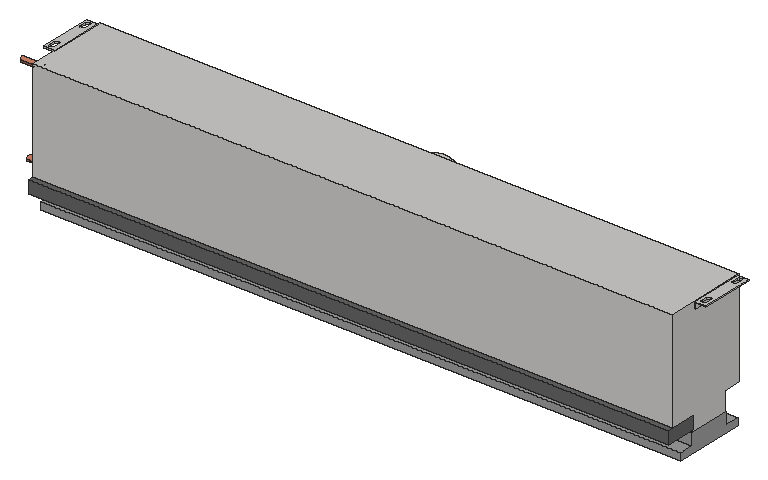
Revit family "HVAC-Chilled_Beam-Dadanco-ACB30", category Mechanical Equipment, Revit 2018
Family settings
  Round Connector Dimension = Use Radius
  Part Type = Normal
  OmniClass Number = 23.75.70.17.31
  OmniClass Title = Induction Units
  Work Plane-Based = No
  Always vertical = Yes
  Cut with Voids When Loaded = No
  Shared = No
  Room Calculation Point = No
Parameters (values of type "6' Nominal Length")
  Zone Name [instance] = ""
  Zone ID [instance] = ""
  Unit Width = 0' - 7"  # constant formula
  Unit Weight = if(Nominal Unit Length = 2' 0", "28 lb", if(Nominal Unit Length = 3' 0", "36 lb", if(Nominal Unit Length = 4' 0", "44 lb", if(Nominal Unit Length = 5' 0", "51 lb", if(Nominal Unit Length = 6' 0", "59 lb", if(Nominal Unit Length = 7' 0", "67 lb", if(Nominal Unit Length = 8' 0", "75 lb", "0 lb")))))))  # "59 lb"
  Unit Tag [instance] = ""
  Unit Length = if(Nominal Unit Length = 2' 0", 2' 0", if(Nominal Unit Length = 3' 0", 2' 8", if(Nominal Unit Length = 4' 0", 3' 4", if(Nominal Unit Length = 5' 0", 4' 4", if(Nominal Unit Length = 6' 0", 5' 4", if(Nominal Unit Length = 7' 0", 6' 4", if(Nominal Unit Length = 8' 0", 7' 4", 0' 0")))))))  # 5' - 4"
  Unit Height = 1' - 5"  # constant formula
  URL = "http://www.dadanco.com/"
  Type Comments = "1-way Discharge Vertical Coil"
  Total Cooling Capacity = 0.0 Btu/h
  Supply Air = 0 CFM
  Sound Level dBA = ""
  Sound Level NC = ""
  Side Air Inlet [instance] = or(Primary Air Inlet Right, Primary Air Inlet Left)  # no
  Secondary Air Sensible Heating = 0.0 Btu/h
  Secondary Air Sensible Cooling = 0.0 Btu/h
  SHHW Temperature = 0 °F
  SHHW Temp Out = 0 °F
  SHHW Pressure Drop [instance] = HWPD  # 0 Pa
  SHHW Flow [instance] = HWF  # 0 GPM
  SCHW Temperature = 0 °F
  SCHW Temp Out = 0 °F
  SCHW Pressure Drop [instance] = CWPD  # 0 Pa
  SCHW Flow [instance] = CWF  # 0 GPM
  Revision Date = "03/24/2023"  # constant formula
  Product Page URL = ""
  Primary Air Static Pressure [instance] = PASP  # 0.00 in-wg
  Primary Air Inlet Size = 0' - 4"
  Primary Air Flow Rate [instance] = PA  # 0 CFM
  Pan = or(Drain Pan, Drip Tray)  # yes
  PASP = 0.00 in-wg
  PA = 0 CFM
  Overall Unit Length = Unit Length + 0' 2"  # 5' - 6"
  Nozzle Configuration = ""
  Nominal Unit Length = 6' - 0"
  Net Unit Heating Sensible = 0.0 Btu/h
  Net Unit Cooling Sensible = 0.0 Btu/h
  Model Number = ""
  Latent Cooling = 0.0 Btu/h
  LVD Grille [instance] = yes
  Keynote = "23 37 00.A1"
  Heating Supply Air Temperature = 0 °F
  Heating Room Dry Bulb = 0 °F
  Heating Primary Air Dry Bulb = 0 °F
  HWPD = 0 Pa
  HWF = 0 GPM
  Side Air Inlet Radius = if(Primary Air Inlet Size = 0' 3", 0' 1 1/2", 0' 2")  # 0' - 2"
  Primary Air Inlet Right [instance] = no
  Primary Air Inlet Left [instance] = no
  Primary Air Inlet Back [instance] = yes
  Generic White = Generic White Paint
  Generic Black color = Metal-Dadanco-Steel-Galvanized Black Powder Coat Finish
  Duct Connection Top [instance] = no
  Drip Tray = yes
  Drain Pan = no
  Drain Connection Right [instance] = and(Drain Pan, Coil Connection Right)  # no
  Drain Connection Left [instance] = and(Drain Pan, Coil Connection Left)  # no
  Documentation Link = ""
  Cooling Supply Air Temperature = 0 °F
  Cooling Room Relative Humidity = 0
  Cooling Room Dry Bulb = 0 °F
  Cooling Primary Air Wet Bulb = 0 °F
  Cooling Primary Air Dry Bulb = 0 °F
  Coil Connection Right [instance] = no
  Coil Connection Left [instance] = not(Coil Connection Right)  # yes
  Model = "ACB30"  # constant formula
  Manufacturer = "Dadanco"  # constant formula
  Housing Material = Metal-Dadanco-Steel-Galvanized
  Description = "Active Chilled Beam"  # constant formula
  CWPD = 0 Pa
  CWF = 0 GPM
  Front_Back_or_Top_Inlet_radius = Primary Air Inlet Size / 2  # 0' - 2"
  Architectural Design Manual = ""
  4 Pipe Coil Configuration Right [instance] = and([4 Pipe Coil Configuration], Coil Connection Right)  # no
  4 Pipe Coil Configuration Left [instance] = and([4 Pipe Coil Configuration], Coil Connection Left)  # no
  4 Pipe Coil Configuration = if([2 or 4 pipe] = 4, 1 = 1, 1 = 0)  # no
  2 or 4 pipe = 2
  2 Pipe Coil Configuration = if([2 or 4 pipe] = 2, 1 = 1, 1 = 0)  # yes
  Assembly Code = "D3040100"
Types (8): name | Unit Weight | Unit Length | Pan | Overall Unit Length | Nominal Unit Length | Primary Air Inlet Back | Drip Tray | Coil Connection Right | Coil Connection Left
  (no name) | "59 lb" | 5' - 4" | yes | 5' - 6" | 6' - 0" | yes | yes | no | yes
  4' Nominal Length | "44 lb" | 3' - 4" | no | 3' - 6" | 4' - 0" | no | no | yes | no
  2' Nominal Length | "28 lb" | 2' - 0" | no | 2' - 2" | 2' - 0" | no | no | yes | no
  3' Nominal Length | "36 lb" | 2' - 8" | no | 2' - 10" | 3' - 0" | no | no | yes | no
  5' Nominal Length | "51 lb" | 4' - 4" | no | 4' - 6" | 5' - 0" | no | no | yes | no
  6' Nominal Length | "59 lb" | 5' - 4" | yes | 5' - 6" | 6' - 0" | yes | yes | no | yes
  7' Nominal Length | "67 lb" | 6' - 4" | no | 6' - 6" | 7' - 0" | no | no | yes | no
  8' Nominal Length | "75 lb" | 7' - 4" | no | 7' - 6" | 8' - 0" | no | no | yes | no
Reference planes (in)
  plane 1 "Center (Front/Back)": y = 6.28627
  plane 2 "Top of Coil Unit": z = -10.623
  plane 3 "Center (Left/Right)": x = 0.55581
  plane 4 "Nominal Right": x = 33.55581
  plane 5 "Back Face": y = 10.67627
  plane 6 "Front Face": y = 1.89627
  plane 7 "Top Face": z = -5.33
  plane 8 "Bottom Face": z = -17
  plane 9 "Nominal Left": x = -32.44419
  plane 10 "Left Face": x = -31.44419
  plane 11 "Right Face": x = 32.55581
  plane 12 "Back Face of Coil Unit": y = 4.77127
  plane 13 "Top of Drain Unit": z = -15.5
  plane 14 "Left End of Coil": x = -30.69419
  plane 15 "Right End of Coil": x = 31.80581
  plane 16 "Top Pipe Centerline Horizontal": z = -5.668
  plane 17 "Top Pipe Centerline Vertical": y = 2.89627
  plane 18 "Bottom Pipe Centerline Horizontal": z = -14.918
  plane 19 "Bottom Pipe Centerline Vertical": y = 3.74128
  plane 20 "4 Pipe Upper Centerline": z = -8.793
  plane 21 "4 Pipe Lower Centerline": z = -12.543
  plane 22 "y4": z = -10.25
  plane 23 "Back_Air_Ctr": z = -10.17
  plane 24 "Top_Air_Ctr": y = 5.44627
  plane 25 "drain Bot": z = -16.83
  plane 26 "front_of_collar": y = 4.89627
  plane 27 "back_of_collar": y = 8.89627
  plane 28 "Top of collar": z = -15
  plane 29 "front to coil": y = 2.39627
  plane 30 "top dct ctr": y = 7.74627
  plane 31 "x3": y = 10.39627
  plane 32 "x2": y = 7.89627
  plane 33 "back top side dct": z = -11.2306
  plane 34 "y2": z = -10.75
  plane 35 "x4": y = 9.89627
  plane 36 "y3": z = -13.25
  plane 37 "y1": z = -13.5
  plane 38 "x1": y = 8.39627
  plane 39 "lvd bot": z = -18.875
  plane 40 "lvd neck back": y = 9.07627
  plane 41 "lvd neck frt": y = 4.72627
  plane 42 "lvd outer top": z = -18.125
  plane 43 "lvd back": y = 10.47627
  plane 44 "lvd front": y = 3.35127
  plane 45 "BRACKET BACK": y = 10.42627
Forms (in)
  Extrusion 1, solid, material "Metal-Dadanco-Steel-Galvanized" <- "Housing Material"
    sketch origin (0.55581, 0, -17) x (0, 1, 0) y (0, 0, 1)
      loop
        line (2.39627, 11.67) -> (2.39627, 1.5) -> (4.89627, 1.5) -> (4.89627, 0) -> (8.89627, 0) -> (8.89627, 2) -> (10.67627, 2) -> (10.67627, 11.67) -> (2.39627, 11.67)
    from -32 to 32
  Extrusion 2, solid, material "Metal-Dadanco-Steel-Galvanized Black Powder Coat Finish" <- "Generic Black color", visible <- "Pan"
    sketch origin (0.55581, -0.01789, -16.81232) x (0, 1, 0) y (0, 0, 1)
      loop
        line (1.89627, 0) -> (4.91416, 0) -> (4.91416, 1.31232) -> (1.89627, 1.31232) -> (1.89627, 0)
    from -32 to 32
  Extrusion 3, solid, material "Metal-Dadanco-Copper-Satin", visible <- "Drain Connection Right", detail levels medium+fine
    sketch origin (0.55581, 5.41717, -16.68716) x (0, 1, 0) y (0, 0, 1)
      loop
        circle (-2.075, 0.25) r 0.3125
    from 32 to 33.25
  Extrusion 4, solid, material "Metal-Dadanco-Copper-Satin", visible <- "Coil Connection Right", detail levels medium+fine
    sketch origin (0.55581, 5.39627, -17) x (0, 1, 0) y (0, 0, 1)
      loop
        circle (-2.5, 11.332) r 0.25
    from 31.25 to 33.5
  Extrusion 5, solid, material "Metal-Dadanco-Copper-Satin", visible <- "Coil Connection Right", detail levels medium+fine
    sketch origin (0.55581, 5.39627, -17) x (0, 1, 0) y (0, 0, 1)
      loop
        circle (-1.65499, 2.082) r 0.25
    from 31.25 to 33.5
  Extrusion 6, solid, material "Metal-Dadanco-Copper-Satin", visible <- "4 Pipe Coil Configuration Right", detail levels medium+fine
    sketch origin (0.55581, 5.39627, -17) x (0, 1, 0) y (0, 0, 1)
      loop
        circle (-1.65499, 8.207) r 0.25
    from 31.25 to 33.5
  Extrusion 7, solid, material "Metal-Dadanco-Copper-Satin", visible <- "4 Pipe Coil Configuration Right", detail levels medium+fine
    sketch origin (0.55581, 5.39627, -17) x (0, 1, 0) y (0, 0, 1)
      loop
        circle (-1.65499, 4.457) r 0.25
    from 31.25 to 33.5
  Extrusion 8, solid, material "Metal-Dadanco-Copper-Satin", visible <- "Drain Connection Left", detail levels medium+fine
    sketch origin (0.55581, 5.39627, -16.79678) x (0, 1, 0) y (0, 0, -1)
      loop
        circle (-2.05197, -0.36226) r 0.3125
    from 32 to 33.25
  Extrusion 9, solid, material "Metal-Dadanco-Copper-Satin", visible <- "Coil Connection Left", detail levels medium+fine
    sketch origin (0.55581, 5.39627, -17) x (0, 1, 0) y (0, 0, -1)
      loop
        circle (-2.5, -11.332) r 0.25
    from 31.25 to 33.5
  Extrusion 10, solid, material "Metal-Dadanco-Copper-Satin", visible <- "Coil Connection Left", detail levels medium+fine
    sketch origin (0.55581, 5.39627, -17) x (0, 1, 0) y (0, 0, -1)
      loop
        circle (-1.65499, -2.082) r 0.25
    from 31.25 to 33.5
  Extrusion 11, solid, material "Metal-Dadanco-Copper-Satin", visible <- "4 Pipe Coil Configuration Left", detail levels medium+fine
    sketch origin (0.55581, 5.39627, -17) x (0, 1, 0) y (0, 0, -1)
      loop
        circle (-1.65499, -8.207) r 0.25
    from 31.25 to 33.5
  Extrusion 12, solid, material "Metal-Dadanco-Copper-Satin", visible <- "4 Pipe Coil Configuration Left", detail levels medium+fine
    sketch origin (0.55581, 5.39627, -17) x (0, 1, 0) y (0, 0, -1)
      loop
        circle (-1.65499, -4.457) r 0.25
    from 31.25 to 33.5
  Extrusion 13, solid, material "Metal-Dadanco-Steel-Galvanized" <- "Housing Material", visible <- "Primary Air Inlet Back"
    sketch origin (-28.20106, 10.67627, 48) x (-1, 0, 0) y (0, 0, 1)
      loop
        circle (-28.75688, -58.17) r 3
    from 3 to 0
  Extrusion 14, solid, material "Metal-Dadanco-Steel-Galvanized", visible <- "Duct Connection Top"
    sketch origin (-0.03563, 2.2704, -5.33) x (0, 1, 0) y (-1, 0, 0)
      loop
        circle (5.4819, -0.62706) r 2.5
    from 3 to 0
  Extrusion 15, solid, material "Metal-Dadanco-Steel-Galvanized", visible <- "Primary Air Inlet Right"
    sketch origin (32.55581, -4.5755, 36) x (0, 1, 0) y (0, 0, -1)
      loop
        arc (14.97177, 49.25) -> (14.09677, 50.375) -> (12.97177, 49.5) r 1.00778
        line (12.97177, 49.5) -> (12.47177, 46.75)
        arc (12.47177, 46.75) -> (13.23754, 45.56309) -> (14.47177, 46.25) r 1.03297
        line (14.47177, 46.25) -> (14.97177, 49.25)
    from -3 to 0
  Extrusion 16, solid, material "Metal-Dadanco-Steel-Galvanized", visible <- "Primary Air Inlet Left"
    sketch origin (-31.44419, -4.5755, 36) x (0, 1, 0) y (0, 0, 1)
      loop
        line (14.97177, -49.25) -> (14.47177, -46.25)
        arc (14.47177, -46.25) -> (13.23754, -45.56309) -> (12.47177, -46.75) r 1.03297
        line (12.47177, -46.75) -> (12.97177, -49.5)
        arc (12.97177, -49.5) -> (14.09677, -50.375) -> (14.97177, -49.25) r 1.00778
    from -3 to 0
  Extrusion 17, solid, material "Generic White Paint" <- "Generic White", visible <- "LVD Grille"
    sketch origin (0.55581, 0, 0) x (0, 1, 0) y (0, 0, 1)
      loop
        line (3.35127, -18.875) -> (10.47627, -18.875) -> (10.47627, -18.125) -> (9.07627, -18.125) -> (9.07627, -17) -> (4.72627, -17) -> (4.72627, -18.125) -> (3.35127, -18.125) -> (3.35127, -18.875)
    from -32 to 32
Lines and regions (in)
  Masking region 1
    outline origin (-28.20106, 10.67627, 31) x (-1, 0, 0) y (0, 0, 1)
      loop
        line (-60.75688, -48) -> (3.24312, -48) -> (3.24312, -36.33) -> (-60.75688, -36.33) -> (-60.75688, -48)
  Masking region 2
    outline origin (-28.20106, 1.89627, 31) x (-1, 0, 0) y (0, 0, 1)
      loop
        line (3.24312, -48) -> (3.24312, -36.33) -> (-60.75688, -36.33) -> (-60.75688, -48) -> (3.24312, -48)
  Masking region 3, visible <- "Primary Air Inlet Left", detail levels medium+fine
    outline origin (0, 6.28627, -17) x (1, 0, 0) y (0, 0, 1)
      loop
        line (-34.44419, 6.75) -> (-31.44419, 6.75) -> (-31.44419, 16.25) -> (-34.44419, 16.25) -> (-34.44419, 6.75)
  Masking region 4, visible <- "Primary Air Inlet Right", detail levels medium+fine
    outline origin (48, 6.28627, -17) x (1, 0, 0) y (0, 0, 1)
      loop
        line (-15.44419, 6.75) -> (-12.44419, 6.75) -> (-12.44419, 16.25) -> (-15.44419, 16.25) -> (-15.44419, 6.75)
  Masking region 5, visible <- "Coil Connection Right", detail levels medium+fine
    outline origin (0, 2.89627, 0) x (0, 0, 1) y (1, 0, 0)
      loop
        line (-5.918, 32.55581) -> (-5.38675, 32.55581) -> (-5.38675, 34.05581) -> (-5.918, 34.05581) -> (-5.918, 32.55581)
  Masking region 6, detail levels medium+fine
    outline origin (0, 8.01727, 0) x (0, 0, -1) y (1, 0, 0)
      loop
        line (6.66, 32.55581) -> (6.66, 35.55581) -> (6.4138, 35.55581) -> (6.4138, 32.55581) -> (6.66, 32.55581)
  Masking region 7, visible <- "4 Pipe Coil Configuration Right", detail levels medium+fine
    outline origin (0, 3.74128, 0) x (0, 0, -1) y (1, 0, 0)
      loop
        line (9.04303, 32.55581) -> (9.04303, 34.05581) -> (8.543, 34.05581) -> (8.543, 32.55581) -> (9.04303, 32.55581)
  Masking region 8, visible <- "4 Pipe Coil Configuration Right", detail levels medium+fine
    outline origin (0, 3.74128, 0) x (0, 0, -1) y (1, 0, 0)
      loop
        line (12.78289, 32.55581) -> (12.78289, 34.05581) -> (12.293, 34.05581) -> (12.293, 32.55581) -> (12.78289, 32.55581)
  Masking region 9, visible <- "Coil Connection Right", detail levels medium+fine
    outline origin (0, 3.74128, 0) x (0, 0, -1) y (1, 0, 0)
      loop
        line (15.40625, 32.55581) -> (15.40625, 34.05581) -> (14.668, 34.05581) -> (14.668, 32.55581) -> (15.40625, 32.55581)
  Masking region 10
    outline origin (0, 3.74128, 0) x (0, 0, -1) y (1, 0, 0)
      loop
        line (17, 32.55581) -> (17, 33.80581) -> (16.5, 33.80581) -> (16.5, 32.55581) -> (17, 32.55581)
  Masking region 11, detail levels medium+fine
    outline origin (0, 6.82127, 0) x (0, 0, -1) y (1, 0, 0)
      loop
        line (5.566, 32.55581) -> (5.566, 35.55581)
        arc (5.566, 35.55581) -> (5.441, 35.68081) -> (5.316, 35.55581) r 0.125
        line (5.316, 35.55581) -> (5.316, 32.55581) -> (5.566, 32.55581)
  Masking region 12, not visible
    outline origin (0, 6.82127, 0) x (0, 0, -1) y (1, 0, 0)
      loop
        line (5.566, -31.44419) -> (5.32075, -31.44419) -> (5.32075, -34.47832)
        arc (5.32075, -34.47832) -> (5.44337, -34.60094) -> (5.566, -34.47832) r 0.12263
        line (5.566, -34.47832) -> (5.566, -31.44419)
  Masking region 13, visible <- "Coil Connection Left", detail levels medium+fine
    outline origin (0, 2.89627, 0) x (0, 0, 1) y (1, 0, 0)
      loop
        line (-5.918, -32.94419) -> (-5.38675, -32.94419) -> (-5.38675, -31.44419) -> (-5.918, -31.44419) -> (-5.918, -32.94419)
  Masking region 14, visible <- "4 Pipe Coil Configuration Left", detail levels medium+fine
    outline origin (0, 3.74128, 0) x (0, 0, -1) y (1, 0, 0)
      loop
        line (9.043, -32.94419) -> (9.043, -31.44419) -> (8.52981, -31.44419) -> (8.52981, -32.94419) -> (9.043, -32.94419)
  Masking region 15, visible <- "Coil Connection Left", detail levels medium+fine
    outline origin (0, 6.82127, 0) x (0, 0, -1) y (1, 0, 0)
      loop
        line (15.168, -32.94419) -> (15.168, -31.44419) -> (14.65919, -31.44419) -> (14.65919, -32.94419) -> (15.168, -32.94419)
  Masking region 16, not visible, detail levels medium+fine
    outline origin (0, 3.74128, 0) x (0, 0, -1) y (1, 0, 0)
      loop
        line (17, -32.69419) -> (17, -31.44419) -> (16.5, -31.44419) -> (16.5, -32.69419) -> (17, -32.69419)
  Masking region 17, visible <- "4 Pipe Coil Configuration Left", detail levels medium+fine
    outline origin (0, 3.74128, 0) x (0, 0, -1) y (1, 0, 0)
      loop
        line (12.793, -32.94419) -> (12.793, -31.44419) -> (12.29639, -31.44419) -> (12.29639, -32.94419) -> (12.793, -32.94419)
  Masking region 18, visible <- "Coil Connection Right", detail levels medium+fine
    outline origin (0, 0, -5.668) x (0, -1, 0) y (1, 0, 0)
      loop
        line (-3.99204, 33.55581) -> (-3.49128, 33.55581) -> (-3.49128, 34.05581) -> (-3.99204, 34.05581) -> (-3.99204, 33.55581)
  Masking region 19, visible <- "Coil Connection Right", detail levels medium+fine
    outline origin (0, 0, -5.441) x (0, -1, 0) y (1, 0, 0)
      loop
        line (-2.64542, 33.55581) -> (-2.64542, 34.05581) -> (-3.14627, 34.05581) -> (-3.14627, 33.55581) -> (-2.64542, 33.55581)
  Masking region 20, visible <- "Coil Connection Left", detail levels medium+fine
    outline origin (0, 0, -5.668) x (0, -1, 0) y (1, 0, 0)
      loop
        line (-3.49128, -32.94419) -> (-3.49128, -32.44419) -> (-3.99146, -32.44419) -> (-3.99146, -32.94419) -> (-3.49128, -32.94419)
  Masking region 21, visible <- "Coil Connection Left", detail levels medium+fine
    outline origin (0, 0, -14.918) x (0, -1, 0) y (1, 0, 0)
      loop
        line (-2.64627, -32.94419) -> (-2.64627, -32.44419) -> (-3.14348, -32.44419) -> (-3.14348, -32.94419) -> (-2.64627, -32.94419)
  Masking region 22, not visible, detail levels medium+fine
    outline origin (0, 6.82127, 0) x (0, 0, -1) y (1, 0, 0)
      loop
        line (6.66, -34.44419) -> (6.66, -31.44419) -> (6.41, -31.44419) -> (6.41, -34.44419) -> (6.66, -34.44419)
  Masking region 23, not visible, detail levels medium+fine
    outline origin (0, 8.01727, 0) x (0, 0, -1) y (1, 0, 0)
      loop
        line (6.66, -34.44419) -> (6.66, -31.44419) -> (6.41, -31.44419) -> (6.41, -34.44419) -> (6.66, -34.44419)
  symbolic lines, detail levels medium+fine
    curve 1: line (32.55581, 10.67627, 0) -> (33.55581, 10.67627, 0)
    curve 7: line (-30.19419, 1.89627, -14.62) -> (-30.69419, 1.89627, -14.62)
    curve 8: line (-30.19419, 1.89627, -6.043) -> (-30.19419, 1.89627, -14.62)
    curve 9: line (-30.69419, 1.89627, -6.043) -> (-30.19419, 1.89627, -6.043)
    curve 10: line (-30.69419, 1.89627, -14.62) -> (-30.69419, 1.89627, -6.043)
    curve 11: line (-31.44419, 1.89627, -15.5) -> (32.55581, 1.89627, -15.5)
    curve 12: line (-31.44419, 1.89627, -10.623) -> (32.55581, 1.89627, -10.623)
    curve 13: line (32.55581, 1.89627, 0) -> (33.55581, 1.89627, 0)
    curve 18: line (-31.44419, 1.89627, -5.33) -> (-32.44419, 1.89627, -5.33)
    curve 27: circle (-30.69419, 2.89627, -5.668) r 0.25 normal (1, 0, 0)
    curve 30: circle (-30.69419, 3.74128, -14.918) r 0.25 normal (1, 0, 0)
    curve 31: line (32.55581, 2.52127, 0) -> (32.55581, 2.52127, -0.625)
    curve 32: line (33.55581, 7.58505, -5.441) -> (33.55581, 7.83505, -5.441)
  symbolic lines, detail levels fine
    curve 2: line (33.55581, 10.67627, 0) -> (33.55581, 10.67627, -0.125)
    curve 3: line (33.55581, 10.67627, -0.125) -> (32.68081, 10.67627, -0.125)
    curve 4: line (32.68081, 10.67627, -0.125) -> (32.68081, 10.67627, -0.625)
    curve 5: line (32.68081, 10.67627, -0.625) -> (32.55581, 10.67627, -0.625)
    curve 6: line (-32.44419, 10.67627, 0) -> (-32.44419, 10.67627, -0.125)
    curve 14: line (33.55581, 1.89627, 0) -> (33.55581, 1.89627, -5.455)
    curve 15: line (33.55581, 1.89627, -5.455) -> (32.68081, 1.89627, -5.455)
    curve 16: line (32.68081, 1.89627, -5.455) -> (32.68081, 1.89627, -5.955)
    curve 17: line (32.68081, 1.89627, -5.955) -> (32.55581, 1.89627, -5.955)
    curve 19: line (-32.44419, 1.89627, -5.33) -> (-32.44419, 1.89627, -5.455)
    curve 20: line (-32.44419, 1.89627, -5.455) -> (-31.56919, 1.89627, -5.455)
    curve 21: line (-31.56919, 1.89627, -5.455) -> (-31.56919, 1.89627, -5.955)
    curve 22: line (-31.56919, 1.89627, -5.955) -> (-31.44419, 1.89627, -5.955)
    curve 23: line (-30.69419, 1.89627, -14.62) -> (31.80581, 1.89627, -14.62)
    curve 24: line (-30.69419, 1.89627, -6.043) -> (-30.69419, 1.89627, -14.62)
    curve 25: line (31.80581, 1.89627, -6.043) -> (-30.69419, 1.89627, -6.043)
    curve 26: line (31.80581, 1.89627, -14.62) -> (31.80581, 1.89627, -6.043)
  symbolic lines, visible <- "4 Pipe Coil Configuration", detail levels medium+fine
    curve 28: circle (-30.69419, 3.74128, -8.793) r 0.25 normal (1, 0, 0)
    curve 29: circle (-30.69419, 3.74128, -12.543) r 0.25 normal (1, 0, 0)
Dimensions and locks (in)
  plane 6 "Front Face" to plane 5 "Back Face" = 0' - 8.78"
  equal spacing: plane 6 "Front Face", plane 1 "Center (Front/Back)", plane 5 "Back Face"
  "Unit Length": plane 10 "Left Face" to plane 11 "Right Face"
  equal spacing: plane 10 "Left Face", plane 3 "Center (Left/Right)", plane 11 "Right Face"
  locked: plane 9 "Nominal Left" to plane 10 "Left Face" at 1
  locked: plane 11 "Right Face" to plane 4 "Nominal Right" at 1
  plane 7 "Top Face" to plane 8 "Bottom Face" = 0' - 11.67"
  locked: plane 7 "Top Face" to plane 2 "Top of Coil Unit" at 5.293
  plane 13 "Top of Drain Unit" to plane 8 "Bottom Face" = 0' - 1 1/2"
  locked: plane 10 "Left Face" to plane 14 "Left End of Coil" at 0.75
  locked: plane 15 "Right End of Coil" to plane 11 "Right Face" at 0.75
  locked: Extrusion 3 to Extrusion 3 at 1.25
  locked: Extrusion 4 to Extrusion 4 at 2.25
  locked: Extrusion 5 to Extrusion 5 at 2.25
  locked: Extrusion 6 to Extrusion 6 at 2.25
  locked: Extrusion 7 to Extrusion 7 at 2.25
  locked: Masking region 4 to Masking region 4 at 3
  locked: Extrusion 8 to Extrusion 8 at 1.25
  locked: Extrusion 9 to Extrusion 9 at 2.25
  locked: Extrusion 10 to Extrusion 10 at 2.25
  locked: Extrusion 11 to Extrusion 11 at 2.25
  locked: Extrusion 12 to Extrusion 12 at 2.25
  plane 8 "Bottom Face" to Extrusion 8 sketch curve = 0' - 0.56548"
  Extrusion 8 sketch curve to plane 6 "Front Face" = 0' - 1.44803"
  locked: Masking region 7 sketch curve to Masking region 7 sketch curve at 0.50003
  locked: Masking region 7 sketch curve to plane 20 "4 Pipe Upper Centerline" at 0.25
  Masking region 8 sketch curve to plane 21 "4 Pipe Lower Centerline" to Masking region 8 sketch curve = 0' - 0 1/4" locked, 0' - 0.23989" locked
  locked: Masking region 9 sketch curve to plane 18 "Bottom Pipe Centerline Horizontal" at 0.25
  Masking region 6 sketch curve to Masking region 6 sketch curve = 0' - 0.2462"
  locked: plane 16 "Top Pipe Centerline Horizontal" to Masking region 13 sketch curve at 0.25
  locked: Masking region 14 sketch curve to plane 20 "4 Pipe Upper Centerline" at 0.26319
  locked: plane 20 "4 Pipe Upper Centerline" to Masking region 14 sketch curve at 0.25
  locked: plane 18 "Bottom Pipe Centerline Horizontal" to Masking region 15 sketch curve at 0.25
  locked: Masking region 15 sketch curve to plane 18 "Bottom Pipe Centerline Horizontal" at 0.25881
  locked: Masking region 17 sketch curve to plane 21 "4 Pipe Lower Centerline" at 0.24661
  locked: plane 21 "4 Pipe Lower Centerline" to Masking region 17 sketch curve at 0.25
  locked: plane 19 "Bottom Pipe Centerline Vertical" to Masking region 18 sketch curve at 0.25
  locked: plane 19 "Bottom Pipe Centerline Vertical" to Masking region 18 sketch curve at 0.25077
  locked: plane 17 "Top Pipe Centerline Vertical" to Masking region 19 sketch curve at 0.25085
  locked: Masking region 20 sketch curve to plane 19 "Bottom Pipe Centerline Vertical" at 0.25
  locked: plane 19 "Bottom Pipe Centerline Vertical" to Masking region 20 sketch curve at 0.25018
  locked: Masking region 21 sketch curve to plane 17 "Top Pipe Centerline Vertical" at 0.25
  locked: Masking region 21 sketch curve to plane 17 "Top Pipe Centerline Vertical" at 0.24721
  plane 8 "Bottom Face" to Extrusion 3 sketch curve = 0' - 0.56284"
  locked: Masking region 16 sketch curve to plane 8 "Bottom Face" at 0.5
  locked: Masking region 10 sketch curve to plane 8 "Bottom Face" at 0.5
  nested 1 to nested 1 = 0' - 5 3/8"
  aligned and locked: Extrusion 1 sketch curve to plane 7 "Top Face"
  aligned and locked: Extrusion 1 sketch curve to plane 8 "Bottom Face"
  aligned and locked: Extrusion 1 sketch curve to plane 5 "Back Face"
  aligned and locked: Extrusion 1 to plane 10 "Left Face"
  aligned and locked: Extrusion 1 to plane 11 "Right Face"
  aligned and locked: Extrusion 2 to plane 10 "Left Face"
  aligned and locked: Extrusion 2 to plane 11 "Right Face"
  aligned and locked: nested 1 to plane 11 "Right Face"
  aligned and locked: nested 2 to plane 10 "Left Face"
  aligned and locked: plane 16 "Top Pipe Centerline Horizontal" to Extrusion 4 sketch curve
  aligned and locked: plane 17 "Top Pipe Centerline Vertical" to Extrusion 4 sketch curve
  aligned and locked: plane 19 "Bottom Pipe Centerline Vertical" to Extrusion 5 sketch curve
  aligned and locked: plane 18 "Bottom Pipe Centerline Horizontal" to Extrusion 5 sketch curve
  aligned and locked: plane 20 "4 Pipe Upper Centerline" to Extrusion 6 sketch curve
  aligned and locked: plane 19 "Bottom Pipe Centerline Vertical" to Extrusion 6 sketch curve
  aligned and locked: plane 21 "4 Pipe Lower Centerline" to Extrusion 7 sketch curve
  aligned and locked: Masking region 1 sketch curve to Extrusion 1  (x3)
  aligned and locked: Extrusion 1 to Masking region 1 sketch curve
  aligned and locked: Extrusion 1 to Masking region 2 sketch curve  (x2)
  aligned and locked: Masking region 2 sketch curve to Extrusion 1  (x2)
  aligned and locked: Masking region 3 to plane 22 "y4"
  aligned and locked: plane 11 "Right Face" to Masking region 4
  aligned and locked: curve 15 to nested 1
  aligned and locked: curve 16 to nested 1
  aligned and locked: plane 4 "Nominal Right" to curve 14
  aligned and locked: curve 17 to nested 1
  aligned and locked: curve 18 to nested 2
  aligned and locked: nested 2 to curve 20
  aligned and locked: curve 19 to plane 9 "Nominal Left"
  aligned and locked: curve 21 to nested 2
  aligned and locked: curve 22 to nested 2
  aligned and locked: plane 17 "Top Pipe Centerline Vertical" to Extrusion 9 sketch curve
  aligned and locked: plane 16 "Top Pipe Centerline Horizontal" to Extrusion 9 sketch curve
  aligned and locked: plane 20 "4 Pipe Upper Centerline" to Extrusion 11 sketch curve
  aligned and locked: plane 19 "Bottom Pipe Centerline Vertical" to Extrusion 11 sketch curve
  aligned and locked: plane 21 "4 Pipe Lower Centerline" to Extrusion 12 sketch curve
  aligned and locked: plane 19 "Bottom Pipe Centerline Vertical" to Extrusion 10 sketch curve
  aligned and locked: plane 18 "Bottom Pipe Centerline Horizontal" to Extrusion 10 sketch curve
  aligned and locked: Extrusion 9 to plane 14 "Left End of Coil"
  aligned and locked: Extrusion 11 to plane 14 "Left End of Coil"
  aligned and locked: Extrusion 12 to plane 14 "Left End of Coil"
  aligned and locked: Extrusion 10 to plane 14 "Left End of Coil"
  aligned and locked: plane 10 "Left Face" to Extrusion 8
  aligned and locked: plane 11 "Right Face" to Masking region 5 sketch curve
  aligned and locked: plane 11 "Right Face" to Masking region 7 sketch curve
  aligned and locked: Masking region 7 sketch curve to Extrusion 6
  aligned and locked: plane 11 "Right Face" to Masking region 8 sketch curve
  aligned and locked: Extrusion 7 to Masking region 8 sketch curve
  aligned and locked: Masking region 9 sketch curve to Extrusion 5
  aligned and locked: Masking region 1 to Masking region 10 sketch curve
  aligned and locked: Masking region 10 sketch curve to Extrusion 3
  aligned and locked: Extrusion 9 to Masking region 13 sketch curve
  aligned and locked: Extrusion 11 to Masking region 14 sketch curve
  aligned and locked: Masking region 1 to Masking region 14 sketch curve
  aligned and locked: Extrusion 10 to Masking region 15 sketch curve
  aligned and locked: plane 10 "Left Face" to Masking region 15 sketch curve
  aligned and locked: Extrusion 8 to Masking region 16 sketch curve
  aligned and locked: Masking region 16 sketch curve to Extrusion 8
  aligned and locked: Extrusion 12 to Masking region 17 sketch curve
  aligned and locked: plane 10 "Left Face" to Masking region 17 sketch curve
  aligned and locked: plane 4 "Nominal Right" to Masking region 18 sketch curve
  aligned and locked: Masking region 18 sketch curve to Extrusion 5
  aligned and locked: plane 4 "Nominal Right" to Masking region 19 sketch curve
  aligned and locked: Masking region 19 sketch curve to Extrusion 4
  aligned and locked: Masking region 20 sketch curve to Extrusion 10
  aligned and locked: plane 9 "Nominal Left" to Masking region 20 sketch curve
  aligned and locked: Masking region 21 sketch curve to Extrusion 9
  aligned and locked: plane 9 "Nominal Left" to Masking region 21 sketch curve
  aligned and locked: plane 15 "Right End of Coil" to Extrusion 4
  aligned and locked: plane 15 "Right End of Coil" to Extrusion 6
  aligned and locked: plane 15 "Right End of Coil" to Extrusion 7
  aligned and locked: plane 15 "Right End of Coil" to Extrusion 5
  aligned and locked: plane 11 "Right Face" to Extrusion 3
  aligned and locked: Masking region 23 sketch curve to Masking region 22  (x2)
  aligned and locked: curve 29 to Extrusion 7
  aligned and locked: curve 30 to Extrusion 5
  aligned and locked: curve 28 to Extrusion 6
  aligned and locked: curve 27 to Extrusion 4
  aligned and locked: plane 8 "Bottom Face" to Masking region 10 sketch curve
  aligned and locked: plane 8 "Bottom Face" to Masking region 16 sketch curve
  aligned and locked: Masking region 4 to plane 22 "y4"
  aligned and locked: plane 19 "Bottom Pipe Centerline Vertical" to Extrusion 7 sketch curve
  aligned and locked: plane 19 "Bottom Pipe Centerline Vertical" to Extrusion 12 sketch curve
  aligned and locked: Extrusion 17 to plane 10 "Left Face"
  aligned and locked: Extrusion 2 to Extrusion 1
  aligned and locked: Extrusion 1 to Extrusion 17
  aligned and locked: plane 10 "Left Face" to Extrusion 16
  aligned and locked: plane 11 "Right Face" to Extrusion 15
  aligned and locked: Extrusion 17 to plane 11 "Right Face"
Automatic sketch dimensions
  Extrusion 1 sketch curve to plane 29 "front to coil" = 0' - 0"
  Extrusion 1 sketch curve to plane 26 "front_of_collar" = 0' - 0"
  Extrusion 1 sketch curve to plane 27 "back_of_collar" = 0' - 0"
  Extrusion 1 sketch curve to plane 13 "Top of Drain Unit" = 0' - 0"
  Extrusion 1 sketch curve to plane 28 "Top of collar" = 0' - 0"
  Extrusion 2 sketch curve to plane 13 "Top of Drain Unit" = 0' - 0"
  Extrusion 2 sketch curve to plane 26 "front_of_collar" = 0' - 0"
  plane 6 "Front Face" to Extrusion 2 sketch curve = 0' - 0.01789"
  plane 25 "drain Bot" to Extrusion 2 sketch curve = 0' - 0.01768"
  plane 19 "Bottom Pipe Centerline Vertical" to Extrusion 3 sketch curve = 0' - 0.39911"
  curve 1 to level = 0' - 0"
  plane 4 "Nominal Right" to curve 1 = 0' - 0"
  plane 11 "Right Face" to curve 1 = 0' - 0"
  plane 11 "Right Face" to curve 5 = 0' - 0"
  curve 6 to plane 9 "Nominal Left" = 0' - 0"
  curve 3 to plane 11 "Right Face" = 0' - 0 1/8"
  curve 3 to level = 0' - 0 1/8"
  curve 4 to curve 3 = 0' - 0 1/2"
  Masking region 3 sketch curve to plane 22 "y4" = 0' - 0"
  Masking region 3 sketch curve to plane 10 "Left Face" = 0' - 0"
  Masking region 3 sketch curve to plane 9 "Nominal Left" = 0' - 2"
  Masking region 3 sketch curve to level = 0' - 0 3/4"
  plane 11 "Right Face" to curve 17 = 0' - 0"
  plane 11 "Right Face" to curve 11 = 0' - 0"
  curve 13 to level = 0' - 0"
  plane 11 "Right Face" to curve 13 = 0' - 0"
  curve 12 to plane 2 "Top of Coil Unit" = 0' - 0"
  plane 11 "Right Face" to curve 12 = 0' - 0"
  plane 15 "Right End of Coil" to curve 25 = 0' - 0"
  plane 14 "Left End of Coil" to curve 10 = 0' - 0"
  curve 11 to plane 10 "Left Face" = 0' - 0"
  curve 12 to plane 10 "Left Face" = 0' - 0"
  curve 18 to plane 10 "Left Face" = 0' - 0"
  curve 22 to plane 10 "Left Face" = 0' - 0"
  curve 11 to plane 13 "Top of Drain Unit" = 0' - 0"
  plane 14 "Left End of Coil" to curve 7 = 0' - 0 1/2"
  curve 8 to plane 18 "Bottom Pipe Centerline Horizontal" = 0' - 0.298"
  plane 16 "Top Pipe Centerline Horizontal" to curve 9 = 0' - 0 3/8"
  curve 32 to plane 4 "Nominal Right" = 0' - 0"
  curve 32 to plane 32 "x2" = 0' - 0.06122"
  curve 32 to plane 30 "top dct ctr" = 0' - 0.16122"
  plane 11 "Right Face" to Masking region 4 sketch curve = 0' - 0"
  Masking region 4 sketch curve to plane 22 "y4" = 0' - 0"
  Masking region 4 sketch curve to level = 0' - 0 3/4"
  Masking region 4 sketch curve to plane 4 "Nominal Right" = 0' - 2"
  Masking region 5 sketch curve to plane 16 "Top Pipe Centerline Horizontal" = 0' - 0 1/4"
  Masking region 5 sketch curve to plane 7 "Top Face" = 0' - 0.05675"
  Masking region 5 sketch curve to plane 4 "Nominal Right" = 0' - 0 1/2"
  plane 11 "Right Face" to Masking region 6 sketch curve = 0' - 0"
  Masking region 6 sketch curve to plane 16 "Top Pipe Centerline Horizontal" = 0' - 0.7458"
  Masking region 6 sketch curve to plane 4 "Nominal Right" = 0' - 2"
  plane 11 "Right Face" to Masking region 9 sketch curve = 0' - 0"
  plane 13 "Top of Drain Unit" to Masking region 9 sketch curve = 0' - 0 3/32"
  plane 11 "Right Face" to Masking region 11 sketch curve = 0' - 0"
  plane 7 "Top Face" to Masking region 11 sketch curve = 0' - 0.014"
  Masking region 11 sketch curve to plane 7 "Top Face" = 0' - 0.111"
  Masking region 11 sketch curve to plane 4 "Nominal Right" = 0' - 2"
  Masking region 12 sketch curve to plane 10 "Left Face" = 0' - 0"
  plane 7 "Top Face" to Masking region 12 sketch curve = 0' - 0.00925"
  Masking region 12 sketch curve to plane 7 "Top Face" = 0' - 0.11337"
  Masking region 12 sketch curve to plane 9 "Nominal Left" = 0' - 2.03413"
  Masking region 13 sketch curve to plane 10 "Left Face" = 0' - 0"
  Masking region 13 sketch curve to plane 7 "Top Face" = 0' - 0.05675"
  plane 17 "Top Pipe Centerline Vertical" to Masking region 19 sketch curve = 0' - 0 1/4"
  Masking region 22 sketch curve to plane 10 "Left Face" = 0' - 0"
  Masking region 22 sketch curve to plane 16 "Top Pipe Centerline Horizontal" = 0' - 0.742"
  Masking region 22 sketch curve to Masking region 22 sketch curve = 0' - 0 1/4"
  Masking region 22 sketch curve to plane 9 "Nominal Left" = 0' - 2"
  Masking region 23 sketch curve to plane 10 "Left Face" = 0' - 0"
  Masking region 23 sketch curve to plane 9 "Nominal Left" = 0' - 2"
  Extrusion 13 sketch curve to plane 3 "Center (Left/Right)" = 0' - 0"
  Extrusion 13 sketch curve to plane 23 "Back_Air_Ctr" = 0' - 0"
  plane 30 "top dct ctr" to Extrusion 14 sketch curve = 0' - 0.00603"
  plane 3 "Center (Left/Right)" to Extrusion 14 sketch curve = 0' - 0.03563"
  Extrusion 15 sketch curve to plane 32 "x2" = 0' - 0"
  Extrusion 15 sketch curve to plane 37 "y1" = 0' - 0"
  Extrusion 15 sketch curve to plane 38 "x1" = 0' - 0"
  Extrusion 15 sketch curve to plane 22 "y4" = 0' - 0"
  Extrusion 15 sketch curve to plane 35 "x4" = 0' - 0"
  Extrusion 15 sketch curve to plane 31 "x3" = 0' - 0"
  Extrusion 15 sketch curve to plane 36 "y3" = 0' - 0"
  Extrusion 15 sketch curve to plane 34 "y2" = 0' - 0"
  plane 27 "back_of_collar" to Extrusion 15 sketch curve = 0' - 0.0163"
  plane 36 "y3" to Extrusion 15 sketch curve = 0' - 0 1/8"
  curve 31 to level = 0' - 0"
  plane 29 "front to coil" to curve 31 = 0' - 0 1/8"
  level to curve 31 = 0' - 0 5/8"
  Extrusion 17 sketch curve to plane 39 "lvd bot" = 0' - 0"
  Extrusion 17 sketch curve to plane 44 "lvd front" = 0' - 0"
  plane 8 "Bottom Face" to Extrusion 17 sketch curve = 0' - 0"
  Extrusion 17 sketch curve to plane 41 "lvd neck frt" = 0' - 0"
  Extrusion 17 sketch curve to plane 40 "lvd neck back" = 0' - 0"
  Extrusion 17 sketch curve to plane 43 "lvd back" = 0' - 0"
  Extrusion 17 sketch curve to plane 42 "lvd outer top" = 0' - 0"  (x2)
  Extrusion 16 sketch curve to plane 32 "x2" = 0' - 0"
  Extrusion 16 sketch curve to plane 37 "y1" = 0' - 0"
  Extrusion 16 sketch curve to plane 38 "x1" = 0' - 0"
  Extrusion 16 sketch curve to plane 22 "y4" = 0' - 0"
  Extrusion 16 sketch curve to plane 35 "x4" = 0' - 0"
  Extrusion 16 sketch curve to plane 31 "x3" = 0' - 0"
  Extrusion 16 sketch curve to plane 36 "y3" = 0' - 0"
  Extrusion 16 sketch curve to plane 34 "y2" = 0' - 0"
  Extrusion 16 sketch curve to plane 27 "back_of_collar" = 0' - 0.0163"
  Extrusion 16 sketch curve to plane 36 "y3" = 0' - 0 1/8"
  curve 6 to level = 0' - 0"
  curve 6 to curve 6 = 0' - 0 1/8"
  radius of Extrusion 3 sketch curve = 0' - 0 5/16"
  radius of Extrusion 4 sketch curve = 0' - 0 1/4"
  radius of Extrusion 5 sketch curve = 0' - 0 1/4"
  radius of Extrusion 6 sketch curve = 0' - 0 1/4"
  radius of Extrusion 7 sketch curve = 0' - 0 1/4"
  radius of Extrusion 9 sketch curve = 0' - 0 1/4"
  radius of Extrusion 10 sketch curve = 0' - 0 1/4"
  radius of Extrusion 11 sketch curve = 0' - 0 1/4"
  radius of Extrusion 12 sketch curve = 0' - 0 1/4"
  radius of Extrusion 13 sketch curve = 0' - 3"
  radius of Extrusion 14 sketch curve = 0' - 2 1/2"
  radius of Extrusion 8 sketch curve = 0' - 0 5/16"
Nested families (in)
  nested 1: "HVAC-Chilled_Beam-Dadanco-ACB_Bracket" at (32.55581, 7.74627, -5.33) x (1, 0, 0) z (0, -1, 0), type "L Bracket", detail levels medium+fine
  nested 2: "HVAC-Chilled_Beam-Dadanco-ACB_Bracket" at (-31.44419, 7.74627, -5.33) x (-1, 0, 0) z (0, 1, 0), type "L Bracket", detail levels medium+fine
Connectors (in)
  piping at (34.05581, 2.89627, -5.668), diameter 0.5, driven by "SCHW Flow"
    settings: on Extrusion 4, index 4, connector inside diameter 1/2", connector length 0' - 0", flow factor 0, pipe flow 0 GPM, pressure drop 0 Pa, fitting loss kfactor 0, connector angle 0.00°, fixture units 0, engagement length 0' - 0", angle of deflection 0.00°, flow configuration 1, flow direction 1, fitting loss method 0, system type 7, joint type 0, gender type 0, connector reference index 6, connector utility 0, adjustable connector no, is connector primary yes, connector description "SCHW Supply Right"
  piping at (34.05581, 3.74128, -12.543), diameter 0.5, driven by "SHHW Flow", driven by "SHHW Pressure Drop"
    settings: on Extrusion 7, index 5, connector inside diameter 1/2", connector length 0' - 0", flow factor 0, pipe flow 0 GPM, pressure drop 0 Pa, fitting loss kfactor 0, connector angle 0.00°, fixture units 0, engagement length 0' - 0", angle of deflection 0.00°, flow configuration 1, flow direction 2, fitting loss method 4, system type 8, joint type 0, gender type 0, connector reference index 7, connector utility 0, adjustable connector no, is connector primary no, connector description "SHHW Return Right"
  piping at (34.05581, 3.74128, -8.793), diameter 0.5, driven by "SHHW Flow"
    settings: on Extrusion 6, index 6, connector inside diameter 1/2", connector length 0' - 0", flow factor 0, pipe flow 0 GPM, pressure drop 0 Pa, fitting loss kfactor 0, connector angle 0.00°, fixture units 0, engagement length 0' - 0", angle of deflection 0.00°, flow configuration 1, flow direction 1, fitting loss method 0, system type 7, joint type 0, gender type 0, connector reference index 4, connector utility 0, adjustable connector no, is connector primary no, connector description "SHHW Supply Right"
  piping at (34.05581, 3.74128, -14.918), diameter 0.5, driven by "SCHW Flow", driven by "SCHW Pressure Drop"
    settings: on Extrusion 5, index 7, connector inside diameter 1/2", connector length 0' - 0", flow factor 0, pipe flow 0 GPM, pressure drop 0 Pa, fitting loss kfactor 0, connector angle 0.00°, fixture units 0, engagement length 0' - 0", angle of deflection 0.00°, flow configuration 1, flow direction 2, fitting loss method 4, system type 8, joint type 0, gender type 0, connector reference index 5, connector utility 0, adjustable connector no, is connector primary no, connector description "SCHW Return Right"
  piping at (-32.94419, 2.89627, -5.668), diameter 0.5, driven by "SCHW Flow"
    settings: on Extrusion 9, index 9, connector inside diameter 1/2", connector length 0' - 0", flow factor 0, pipe flow 0 GPM, pressure drop 0 Pa, fitting loss kfactor 0, connector angle 0.00°, fixture units 0, engagement length 0' - 0", angle of deflection 0.00°, flow configuration 1, flow direction 1, fitting loss method 0, system type 7, joint type 0, gender type 0, connector reference index 10, connector utility 0, adjustable connector no, is connector primary no, connector description "SCHW Supply Left"
  piping at (-32.94419, 3.74128, -8.793), diameter 0.5, driven by "SHHW Flow"
    settings: on Extrusion 11, index 10, connector inside diameter 1/2", connector length 0' - 0", flow factor 0, pipe flow 0 GPM, pressure drop 0 Pa, fitting loss kfactor 0, connector angle 0.00°, fixture units 0, engagement length 0' - 0", angle of deflection 0.00°, flow configuration 1, flow direction 1, fitting loss method 0, system type 7, joint type 0, gender type 0, connector reference index 9, connector utility 0, adjustable connector no, is connector primary no, connector description "SHHW Supply Left"
  piping at (-32.94419, 3.74128, -12.543), diameter 0.5, driven by "SHHW Flow", driven by "SHHW Pressure Drop"
    settings: on Extrusion 12, index 11, connector inside diameter 1/2", connector length 0' - 0", flow factor 0, pipe flow 0 GPM, pressure drop 0 Pa, fitting loss kfactor 0, connector angle 0.00°, fixture units 0, engagement length 0' - 0", angle of deflection 0.00°, flow configuration 1, flow direction 2, fitting loss method 4, system type 8, joint type 0, gender type 0, connector reference index 12, connector utility 0, adjustable connector no, is connector primary no, connector description "SHHW Return Left"
  piping at (-32.94419, 3.74128, -14.918), diameter 0.5, driven by "SCHW Flow", driven by "SCHW Pressure Drop"
    settings: on Extrusion 10, index 12, connector inside diameter 1/2", connector length 0' - 0", flow factor 0, pipe flow 0 GPM, pressure drop 0 Pa, fitting loss kfactor 0, connector angle 0.00°, fixture units 0, engagement length 0' - 0", angle of deflection 0.00°, flow configuration 1, flow direction 2, fitting loss method 4, system type 8, joint type 0, gender type 0, connector reference index 11, connector utility 0, adjustable connector no, is connector primary no, connector description "SCHW Return Left"
  piping at (-32.69419, 3.3443, -16.43452), diameter 0.625
    settings: on Extrusion 8, index 13, connector inside diameter 1/2", connector length 0' - 0", flow factor 0, pipe flow 0 GPM, pressure drop 0 Pa, fitting loss kfactor 0, connector angle 0.00°, fixture units 0, engagement length 0' - 0", angle of deflection 0.00°, flow configuration 1, flow direction 2, fitting loss method 0, system type 16, joint type 0, gender type 0, connector reference index -1, connector utility 0, adjustable connector no, is connector primary no, connector description "Drain Connection Left"
  hvac at (0.55581, 13.67627, -10.17), driven by "Primary Air Static Pressure", driven by "Primary Air Flow Rate", driven by "Front_Back_or_Top_Inlet_radius"
    settings: on Extrusion 13, index 16, duct flow 0 CFM, flow factor 0, pres drop 0.00 in-wg, loss coef 0, conn angle 0.00°, conn width 12", conn height 12", conn diameter 4", duct sys type 1, conn prof type 0, flow config 1, flow direction 1, loss method 4, conn ref index -1, conn util no, is conn primary yes, conn desc "Primary Air Inlet Back (E)"
  hvac at (0.59144, 7.7523, -2.33), driven by "Front_Back_or_Top_Inlet_radius", driven by "Primary Air Static Pressure", driven by "Primary Air Flow Rate"
    settings: on Extrusion 14, index 17, duct flow 0 CFM, flow factor 0, pres drop 0.00 in-wg, loss coef 0, conn angle 0.00°, conn width 12", conn height 12", conn diameter 4", duct sys type 1, conn prof type 0, flow config 1, flow direction 1, loss method 4, conn ref index -1, conn util no, is conn primary no, conn desc "Primary Air Inlet Top (F)"
  hvac at (35.55581, 9.14627, -11.9375), driven by "Primary Air Static Pressure", driven by "Primary Air Flow Rate"
    settings: on Extrusion 15, index 18, duct flow 0 CFM, flow factor 0, pres drop 0.00 in-wg, loss coef 0, conn angle 0.00°, conn width 2", conn height 4 115/128", conn diameter 24", duct sys type 1, conn prof type 2, flow config 1, flow direction 1, loss method 4, conn ref index -1, conn util no, is conn primary no, conn desc "Right side air connection (A)"
  hvac at (-34.44419, 9.14627, -11.9375), driven by "Primary Air Static Pressure", driven by "Primary Air Flow Rate"
    settings: on Extrusion 16, index 19, duct flow 0 CFM, flow factor 0, pres drop 0.00 in-wg, loss coef 0, conn angle 0.00°, conn width 2", conn height 4 115/128", conn diameter 24", duct sys type 1, conn prof type 2, flow config 1, flow direction 1, loss method 4, conn ref index -1, conn util no, is conn primary no, conn desc "Left Side Air connection (B)"
  piping at (33.80581, 3.34217, -16.43716), diameter 0.625
    settings: on Extrusion 3, index 20, connector inside diameter 24", connector length 0' - 0", flow factor 0, pipe flow 0 GPM, pressure drop 0 Pa, fitting loss kfactor 0, connector angle 0.00°, fixture units 0, engagement length 0' - 0", angle of deflection 0.00°, flow configuration 1, flow direction 2, fitting loss method 0, system type 16, joint type 0, gender type 0, connector reference index -1, connector utility 0, adjustable connector no, is connector primary no, connector description "Drain Connection Right"
Definition of nested family "HVAC-Chilled_Beam-Dadanco-ACB_Bracket"
  Reference planes (in)
    plane 1 "Center (Front/Back)": y = 0
    plane 2: z = 0
    plane 3 "Center (Left/Right)": x = 0
    plane 4 "HOLE OS": z = 2.4375
    plane 5 "2": z = -2.4375
    plane 6: x = 1.125
  Forms (in)
    Extrusion 1, solid
      sketch origin (0, 0, 0) x (1, 0, 0) y (0, 1, 0)
        loop
          line (0, 0) -> (0, -0.625) -> (0.125, -0.625) -> (0.125, -0.125) -> (1.125, -0.125) -> (1.125, 0) -> (0, 0)
      from -2.6875 to 2.6875
    Extrusion 2, void
      sketch origin (0.0625, 0, 0.06849) x (1, 0, 0) y (0, 0, 1)
        loop
          arc (0.3125, 1.625) -> (0.5625, 1.375) -> (0.8125, 1.625) r 0.25
          line (0.8125, 1.625) -> (0.8125, 2.125)
          arc (0.8125, 2.125) -> (0.5625, 2.375) -> (0.3125, 2.125) r 0.25
          line (0.3125, 2.125) -> (0.3125, 1.625)
      from 0 to 0.125
    Extrusion 3, void
      sketch origin (0.0625, 0, -0.06849) x (1, 0, 0) y (0, 0, 1)
        loop
          line (0.3125, -1.625) -> (0.3125, -2.125)
          arc (0.3125, -2.125) -> (0.5625, -2.375) -> (0.8125, -2.125) r 0.25
          line (0.8125, -2.125) -> (0.8125, -1.625)
          arc (0.8125, -1.625) -> (0.5625, -1.375) -> (0.3125, -1.625) r 0.25
      from 0 to 0.125
  Cuts and joins
    Extrusion 2, Extrusion 3 cuts Extrusion 1
  Lines and regions (in)
    reference lines
      curve 1: line (-9.25507, 0, 2.6875) -> (12.49493, 0, 2.6875)
      curve 2: line (-9.25507, 0, -2.6875) -> (13.49493, 0, -2.6875)
  Dimensions and locks (in)
    plane 3 "Center (Left/Right)" to Extrusion 1 sketch curve = 0' - 1 1/8"
    locked: Extrusion 1 sketch curve to Extrusion 1 sketch curve at 0.125  (x2)
    locked: plane 1 "Center (Front/Back)" to Extrusion 1 sketch curve at 0.625
    level to curve 2 = 0' - 2 11/16"
    curve 1 to level = 0' - 2 11/16"
    aligned and locked: Extrusion 1 to curve 1
    aligned and locked: curve 2 to Extrusion 1
    aligned and locked: Extrusion 2 to plane 1 "Center (Front/Back)"
    aligned and locked: Extrusion 1 to Extrusion 2
